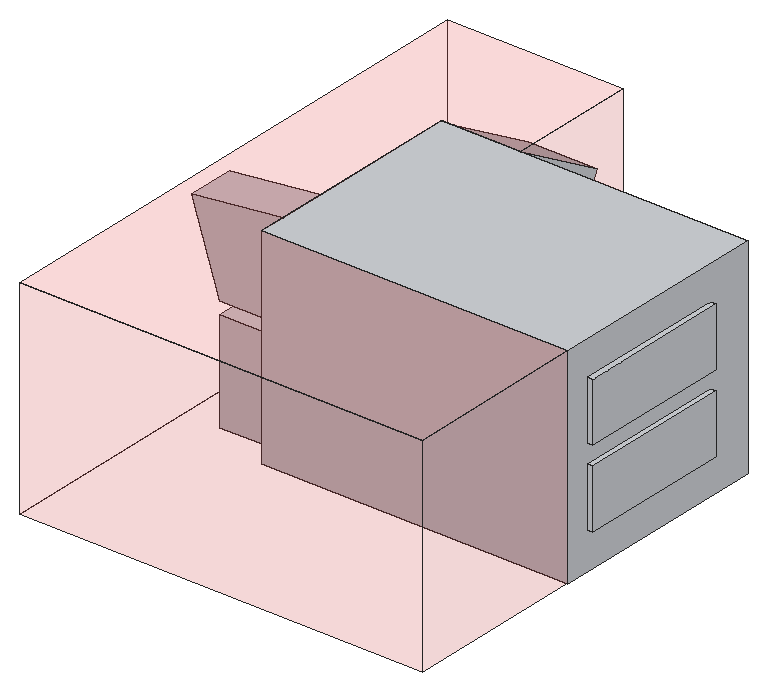
Revit family
Parameters (values of type "115 V Single Phase")
  Weight Scheduled [instance] = 538  # constant formula
  Voltage Workaround = Voltage / 1 V  # 115
  Voltage Scheduled = Voltage  # 115 V
  Voltage = 115 V
  VoltAmps Workaround [instance] = Voltage Workaround * Total FLA * sqrt(Phase)  # 0
  VoltAmps [instance] = VoltAmps Workaround * 1 VA  # 0 VA
  VFD [instance] = no
  URL = "http://www.renewaire.com/_assets/files/SubmittalForms/HE2XRTCSubmittal.pdf"
  Total FLA [instance] = if(or(Supply Motor FLA = 0, Exhaust Motor FLA = 0), 0, (Supply Motor FLA * Supply Motor Count) + (Exhaust Motor FLA * Exhaust Motor Count))  # 0
  Supply Motor RPM Scheduled [instance] = Supply Motor RPM  # 1090
  Supply Motor RPM [instance] = if(and(or(Supply ESP = -0.75, Supply ESP > -0.75), Supply ESP < -0.5), if(Supply CFM > 1742 CFM, 0, if(Supply CFM > 1620 CFM, 1515, if(Supply CFM > 1465 CFM, 1420, if(Supply CFM > 1325 CFM, 1325, if(Supply CFM > 1170 CFM, 1230, 1090))))), if(and(or(Supply ESP = -0.5, Supply ESP > -0.5), Supply ESP < -0.25), if(Supply CFM > 1631 CFM, 0, if(Supply CFM > 1515 CFM, 1515, if(Supply CFM > 1370 CFM, 1420, if(Supply CFM > 1245 CFM, 1325, if(Supply CFM > 1085 CFM, 1230, 1090))))), if(and(or(Supply ESP = -0.25, Supply ESP > -0.25), Supply ESP < 0), if(Supply CFM > 1635 CFM, 0, if(Supply CFM > 1520 CFM, 1610, if(Supply CFM > 1410 CFM, 1515, if(Supply CFM > 1275 CFM, 1420, if(Supply CFM > 1165 CFM, 1325, if(Supply CFM > 1000 CFM, 1230, 1090)))))), if(and(or(Supply ESP = 0, Supply ESP > 0), Supply ESP < 0.25), if(Supply CFM > 1555 CFM, 0, if(Supply CFM > 1430 CFM, 1610, if(Supply CFM > 1300 CFM, 1515, if(Supply CFM > 1190 CFM, 1420, if(Supply CFM > 1080 CFM, 1325, if(Supply CFM > 905 CFM, 1230, 1090)))))), if(and(or(Supply ESP = 0.25, Supply ESP > 0.25), Supply ESP < 0.5), if(Supply CFM > 1600 CFM, 0, if(Supply CFM > 1490 CFM, 1705, if(Supply CFM > 1355 CFM, 1610, if(Supply CFM > 1230 CFM, 1515, if(Supply CFM > 1120 CFM, 1420, if(Supply CFM > 985 CFM, 1325, if(Supply CFM > 824 CFM, 1230, 1090))))))), if(and(or(Supply ESP = 0.5, Supply ESP > 0.5), Supply ESP < 0.75), if(Supply CFM > 1480 CFM, 0, if(Supply CFM > 1375 CFM, 1705, if(Supply CFM > 1230 CFM, 1610, if(Supply CFM > 1115 CFM, 1515, if(Supply CFM > 995 CFM, 1420, if(Supply CFM > 850 CFM, 1325, if(Supply CFM > 743 CFM, 1230, 1090))))))), if(Supply ESP = 0.75, if(Supply CFM > 1360 CFM, 0, if(Supply CFM > 1260 CFM, 1705, if(Supply CFM > 1105 CFM, 1610, if(Supply CFM > 1000 CFM, 1515, if(Supply CFM > 870 CFM, 1420, if(Supply CFM > 715 CFM, 1325, if(Supply CFM > 662 CFM, 1230, 1090))))))), 0)))))))  # 1090
  Supply Motor HP Scheduled [instance] = Supply Motor HP  # 2
  Supply Motor HP [instance] = 2  # constant formula
  Supply Motor FLA [instance] = if(VFD, if(Supply Motor BHP = 0, 0, if(Supply Motor HP = 2, if(and(or(Voltage = 208 V, Voltage = 230 V), Phase = 1), 6.1, if(and(or(Voltage = 208 V, Voltage = 230 V), Phase = 3), 6.1, if(and(Voltage = 460 V, Phase = 3), 2.9, if(and(Voltage = 575 V, Phase = 3), 2.4, 0)))), 0)), if(Supply Motor BHP = 0, 0, if(Supply Motor HP = 2, if(and(or(Voltage = 208 V, Voltage = 230 V), Phase = 1), 10.8, if(and(or(Voltage = 208 V, Voltage = 230 V), Phase = 3), 6.1, if(and(Voltage = 460 V, Phase = 3), 2.9, if(and(Voltage = 575 V, Phase = 3), 2.4, 0)))), 0)))  # 0
  Supply Motor Count Scheduled [instance] = Supply Motor Count  # 1
  Supply Motor Count [instance] = 1  # constant formula
  Supply Motor BHP [instance] = if(and(or(Supply ESP = -0.75, Supply ESP > -0.75), Supply ESP < -0.5), if(Supply CFM > 1742 CFM, 0, if(Supply CFM > 1620 CFM, 2, if(Supply CFM > 1465 CFM, 1.7, if(Supply CFM > 1325 CFM, 1.5, if(Supply CFM > 1170 CFM, 1.3, 1))))), if(and(or(Supply ESP = -0.5, Supply ESP > -0.5), Supply ESP < -0.25), if(Supply CFM > 1631 CFM, 0, if(Supply CFM > 1515 CFM, 1.9, if(Supply CFM > 1370 CFM, 1.6, if(Supply CFM > 1245 CFM, 1.4, if(Supply CFM > 1085 CFM, 1.2, 0.7))))), if(and(or(Supply ESP = -0.25, Supply ESP > -0.25), Supply ESP < 0), if(Supply CFM > 1635 CFM, 0, if(Supply CFM > 1520 CFM, 2, if(Supply CFM > 1410 CFM, 1.7, if(Supply CFM > 1275 CFM, 1.5, if(Supply CFM > 1165 CFM, 1.3, if(Supply CFM > 1000 CFM, 1.1, 0.8)))))), if(and(or(Supply ESP = 0, Supply ESP > 0), Supply ESP < 0.25), if(Supply CFM > 1555 CFM, 0, if(Supply CFM > 1430 CFM, 1.9, if(Supply CFM > 1300 CFM, 1.6, if(Supply CFM > 1190 CFM, 1.4, if(Supply CFM > 1080 CFM, 1, if(Supply CFM > 905 CFM, 1, 0.8)))))), if(and(or(Supply ESP = 0.25, Supply ESP > 0.25), Supply ESP < 0.5), if(Supply CFM > 1600 CFM, 0, if(Supply CFM > 1490 CFM, 2, if(Supply CFM > 1355 CFM, 1.8, if(Supply CFM > 1230 CFM, 1.6, if(Supply CFM > 1120 CFM, 1.4, if(Supply CFM > 985 CFM, 0.9, if(Supply CFM > 824 CFM, 0.9, 0.7))))))), if(and(or(Supply ESP = 0.5, Supply ESP > 0.5), Supply ESP < 0.75), if(Supply CFM > 1480 CFM, 0, if(Supply CFM > 1375 CFM, 1.9, if(Supply CFM > 1230 CFM, 1.7, if(Supply CFM > 1115 CFM, 1.4, if(Supply CFM > 995 CFM, 1.2, if(Supply CFM > 850 CFM, 1.1, if(Supply CFM > 743 CFM, 0.8, 0.6))))))), if(Supply ESP = 0.75, if(Supply CFM > 1360 CFM, 0, if(Supply CFM > 1260 CFM, 1.7, if(Supply CFM > 1105 CFM, 1.5, if(Supply CFM > 1000 CFM, 1.3, if(Supply CFM > 870 CFM, 1.1, if(Supply CFM > 715 CFM, 0.6, if(Supply CFM > 662 CFM, 0.6, 0.6))))))), 0)))))))  # 0.8
  Supply ESP Scheduled [instance] = Supply ESP  # 0
  Supply ESP [instance] = 0
  Supply CFM Scheduled [instance] = Supply CFM  # 0 CFM
  Supply CFM [instance] = 0 CFM
  Supply Air Winter RH Scheduled [instance] = 0
  Supply Air Winter DB Scheduled [instance] = 0
  Supply Air Summer RH Scheduled [instance] = 0
  Supply Air Summer DB Scheduled [instance] = 0
  Phase Scheduled = Phase  # 1
  Phase = 1
  Outside Air Winter RH Scheduled [instance] = 0
  Outside Air Winter DB Scheduled [instance] = 0
  Outside Air Summer RH Scheduled [instance] = 0
  Outside Air Summer DB Scheduled [instance] = 0
  Number of Poles = 1
  Model = "HE2XRTC"
  Manufacturer = "RenewAire"
  MOCP Scheduled [instance] = MOCP  # 0
  MOCP [instance] = if(VFD, if(Total FLA = 0, 0, if(and(or(Voltage = 208 V, Voltage = 230 V), Phase = 1), 30, if(and(or(Voltage = 208 V, Voltage = 230 V), Phase = 3), 15, if(and(Voltage = 460 V, Phase = 3), 15, if(and(Voltage = 575 V, Phase = 3), 15, 0))))), if(Total FLA = 0, 0, if(and(or(Voltage = 208 V, Voltage = 230 V), Phase = 1), 35, if(and(or(Voltage = 208 V, Voltage = 230 V), Phase = 3), 15, if(and(Voltage = 460 V, Phase = 3), 15, if(and(Voltage = 575 V, Phase = 3), 15, 0))))))  # 0
  MCA Scheduled [instance] = MCA  # 0
  MCA [instance] = if(VFD, if(Total FLA = 0, 0, if(and(or(Voltage = 208 V, Voltage = 230 V), Phase = 1), 26, if(and(or(Voltage = 208 V, Voltage = 230 V), Phase = 3), 15, if(and(Voltage = 460 V, Phase = 3), 7.2, if(and(Voltage = 575 V, Phase = 3), 5.9, 0))))), if(Total FLA = 0, 0, if(and(or(Voltage = 208 V, Voltage = 230 V), Phase = 1), 24.3, if(and(or(Voltage = 208 V, Voltage = 230 V), Phase = 3), 13.6, if(and(Voltage = 460 V, Phase = 3), 6.5, if(and(Voltage = 575 V, Phase = 3), 5.4, 0))))))  # 0
  FLA Scheduled [instance] = Total FLA  # 0
  Exhaust RH Scheduled [instance] = 0
  Exhaust Motor RPM Scheduled [instance] = Exhaust Motor RPM  # 945
  Exhaust Motor RPM [instance] = if(and(or(Exhaust ESP = -0.75, Exhaust ESP > -0.75), Exhaust ESP < -0.5), if(Exhaust CFM > 1664 CFM, 0, if(Exhaust CFM > 1400 CFM, 1450, if(Exhaust CFM > 1125 CFM, 1370, if(Exhaust CFM > 945 CFM, 1290, if(Exhaust CFM > 721 CFM, 1210, if(Exhaust CFM > 560 CFM, 1130, if(Exhaust CFM > 635 CFM, 1050, 945))))))), if(and(or(Exhaust ESP = -0.5, Exhaust ESP > -0.5), Exhaust ESP < -0.25), if(Exhaust CFM > 1785 CFM, 0, if(Exhaust CFM > 1570 CFM, 1450, if(Exhaust CFM > 1350 CFM, 1370, if(Exhaust CFM > 1165 CFM, 1290, if(Exhaust CFM > 978 CFM, 1210, if(Exhaust CFM > 810 CFM, 1130, if(Exhaust CFM > 765 CFM, 1050, 945))))))), if(and(or(Exhaust ESP = -0.25, Exhaust ESP > -0.25), Exhaust ESP < 0), if(Exhaust CFM > 1740 CFM, 0, if(Exhaust CFM > 1575 CFM, 1370, if(Exhaust CFM > 1385 CFM, 1290, if(Exhaust CFM > 1235 CFM, 1210, if(Exhaust CFM > 1060 CFM, 1130, if(Exhaust CFM > 895 CFM, 1050, 945)))))), if(and(or(Exhaust ESP = 0, Exhaust ESP > 0), Exhaust ESP < 0.25), if(Exhaust CFM > 1900 CFM, 0, if(Exhaust CFM > 1727 CFM, 1370, if(Exhaust CFM > 1560 CFM, 1290, if(Exhaust CFM > 1365 CFM, 1210, if(Exhaust CFM > 1200 CFM, 1130, if(Exhaust CFM > 1025 CFM, 1050, 945)))))), if(and(or(Exhaust ESP = 0.25, Exhaust ESP > 0.25), Exhaust ESP < 0.5), if(Exhaust CFM > 1740 CFM, 0, if(Exhaust CFM > 1575 CFM, 1370, if(Exhaust CFM > 1385 CFM, 1290, if(Exhaust CFM > 1235 CFM, 1210, if(Exhaust CFM > 1060 CFM, 1130, if(Exhaust CFM > 895 CFM, 1050, 945)))))), if(and(or(Exhaust ESP = 0.5, Exhaust ESP > 0.5), Exhaust ESP < 0.75), if(Exhaust CFM > 1785 CFM, 0, if(Exhaust CFM > 1570 CFM, 1450, if(Exhaust CFM > 1350 CFM, 1370, if(Exhaust CFM > 1165 CFM, 1290, if(Exhaust CFM > 978 CFM, 1210, if(Exhaust CFM > 810 CFM, 1130, if(Exhaust CFM > 765 CFM, 1050, 945))))))), if(Exhaust ESP = 0.75, if(Exhaust CFM > 1664 CFM, 0, if(Exhaust CFM > 1400 CFM, 1450, if(Exhaust CFM > 1125 CFM, 1370, if(Exhaust CFM > 945 CFM, 1290, if(Exhaust CFM > 721 CFM, 1210, if(Exhaust CFM > 560 CFM, 1130, if(Exhaust CFM > 635 CFM, 1050, 945))))))), 0)))))))  # 945
  Exhaust Motor HP Scheduled [instance] = Exhaust Motor HP  # 2
  Exhaust Motor HP [instance] = 2  # constant formula
  Exhaust Motor FLA [instance] = if(VFD, if(Exhaust Motor BHP = 0, 0, if(Exhaust Motor HP = 2, if(and(or(Voltage = 208 V, Voltage = 230 V), Phase = 1), 6.1, if(and(or(Voltage = 208 V, Voltage = 230 V), Phase = 3), 6.1, if(and(Voltage = 460 V, Phase = 3), 2.9, if(and(Voltage = 575 V, Phase = 3), 2.4, 0)))), 0)), if(Exhaust Motor BHP = 0, 0, if(Exhaust Motor HP = 2, if(and(or(Voltage = 208 V, Voltage = 230 V), Phase = 1), 10.8, if(and(or(Voltage = 208 V, Voltage = 230 V), Phase = 3), 6.1, if(and(Voltage = 460 V, Phase = 3), 2.9, if(and(Voltage = 575 V, Phase = 3), 2.4, 0)))), 0)))  # 0
  Exhaust Motor Count Scheduled [instance] = Exhaust Motor Count  # 1
  Exhaust Motor Count [instance] = 1  # constant formula
  Exhaust Motor BHP [instance] = if(and(or(Exhaust ESP = -0.75, Exhaust ESP > -0.75), Exhaust ESP < -0.5), if(Exhaust CFM > 1664 CFM, 0, if(Exhaust CFM > 1400 CFM, 1.6, if(Exhaust CFM > 1125 CFM, 1.4, if(Exhaust CFM > 945 CFM, 1.3, if(Exhaust CFM > 721 CFM, 1, if(Exhaust CFM > 560 CFM, 0.7, if(Exhaust CFM > 635 CFM, 0.7, 0.6))))))), if(and(or(Exhaust ESP = -0.5, Exhaust ESP > -0.5), Exhaust ESP < -0.25), if(Exhaust CFM > 1785 CFM, 0, if(Exhaust CFM > 1570 CFM, 1.9, if(Exhaust CFM > 1350 CFM, 1.6, if(Exhaust CFM > 1165 CFM, 1.4, if(Exhaust CFM > 978 CFM, 1.1, if(Exhaust CFM > 810 CFM, 0.9, if(Exhaust CFM > 765 CFM, 0.8, 0.6))))))), if(and(or(Exhaust ESP = -0.25, Exhaust ESP > -0.25), Exhaust ESP < 0), if(Exhaust CFM > 1740 CFM, 0, if(Exhaust CFM > 1575 CFM, 1.8, if(Exhaust CFM > 1385 CFM, 1.5, if(Exhaust CFM > 1235 CFM, 1.3, if(Exhaust CFM > 1060 CFM, 1.1, if(Exhaust CFM > 895 CFM, 0.9, 0.6)))))), if(and(or(Exhaust ESP = 0, Exhaust ESP > 0), Exhaust ESP < 0.25), if(Exhaust CFM > 1900 CFM, 0, if(Exhaust CFM > 1727 CFM, 1.9, if(Exhaust CFM > 1560 CFM, 1.6, if(Exhaust CFM > 1365 CFM, 1.4, if(Exhaust CFM > 1200 CFM, 1.1, if(Exhaust CFM > 1025 CFM, 1, 0.7)))))), if(and(or(Exhaust ESP = 0.25, Exhaust ESP > 0.25), Exhaust ESP < 0.5), if(Exhaust CFM > 1740 CFM, 0, if(Exhaust CFM > 1575 CFM, 1.8, if(Exhaust CFM > 1385 CFM, 1.5, if(Exhaust CFM > 1235 CFM, 1.3, if(Exhaust CFM > 1060 CFM, 1.1, if(Exhaust CFM > 895 CFM, 0.9, 0.6)))))), if(and(or(Exhaust ESP = 0.5, Exhaust ESP > 0.5), Exhaust ESP < 0.75), if(Exhaust CFM > 1785 CFM, 0, if(Exhaust CFM > 1570 CFM, 1.9, if(Exhaust CFM > 1350 CFM, 1.6, if(Exhaust CFM > 1165 CFM, 1.4, if(Exhaust CFM > 978 CFM, 1.1, if(Exhaust CFM > 810 CFM, 0.9, if(Exhaust CFM > 765 CFM, 0.8, 0.6))))))), if(Exhaust ESP = 0.75, if(Exhaust CFM > 1664 CFM, 0, if(Exhaust CFM > 1400 CFM, 1.6, if(Exhaust CFM > 1125 CFM, 1.4, if(Exhaust CFM > 945 CFM, 1.3, if(Exhaust CFM > 721 CFM, 1, if(Exhaust CFM > 560 CFM, 0.7, if(Exhaust CFM > 635 CFM, 0.7, 0.6))))))), 0)))))))  # 0.7
  Exhaust ESP Scheduled [instance] = Exhaust ESP  # 0
  Exhaust ESP [instance] = 0
  Exhaust DB Scheduled [instance] = 0
  Exhaust CFM Scheduled [instance] = Exhaust CFM  # 0 CFM
  Exhaust CFM [instance] = 0 CFM
  Enthalpy Effect Winter Scheduled [instance] = 0
  Enthalpy Effect Summer Scheduled [instance] = 0
Types (8): name | Voltage Workaround | Voltage Scheduled | Voltage | VoltAmps Workaround | VoltAmps | VFD | Total FLA | Supply Motor FLA | Phase Scheduled | Phase | Number of Poles | MOCP Scheduled | MOCP | MCA Scheduled | MCA | FLA Scheduled | Exhaust Motor FLA
  (no name) | 115 | 115 V | 115 V | 0 | 0 VA | no | 0 | 0 | 1 | 1 | 1 | 0 | 0 | 0 | 0 | 0 | 0
  208 V Single Phase | 208 | 208 V | 208 V | 2537.6 | 2537.6 VA | yes | 12.2 | 6.1 | 1 | 1 | 2 | 30 | 30 | 26 | 26 | 12.2 | 6.1
  230 V Single Phase | 230 | 230 V | 230 V | 2806 | 2806 VA | yes | 12.2 | 6.1 | 1 | 1 | 2 | 30 | 30 | 26 | 26 | 12.2 | 6.1
  208 V Three Phase | 208 | 208 V | 208 V | 4395.2521 | 4395.25 VA | yes | 12.2 | 6.1 | 3 | 3 | 3 | 15 | 15 | 15 | 15 | 12.2 | 6.1
  230 V Three Phase | 230 | 230 V | 230 V | 4860.1346 | 4860.13 VA | yes | 12.2 | 6.1 | 3 | 3 | 3 | 15 | 15 | 15 | 15 | 12.2 | 6.1
  460 V Three Phase | 460 | 460 V | 460 V | 4621.1116 | 4621.11 VA | yes | 5.8 | 2.9 | 3 | 3 | 3 | 15 | 15 | 7.2 | 7.2 | 5.8 | 2.9
  575 V Three Phase | 575 | 575 V | 575 V | 4780.4602 | 4780.46 VA | yes | 4.8 | 2.4 | 3 | 3 | 3 | 15 | 15 | 5.9 | 5.9 | 4.8 | 2.4
  115 V Single Phase | 115 | 115 V | 115 V | 0 | 0 VA | no | 0 | 0 | 1 | 1 | 1 | 0 | 0 | 0 | 0 | 0 | 0
Reference planes (in)
  plane 1 "Center (Front/Back)": y = 0
  plane 2: z = 0
  plane 3 "Center (Left/Right)": x = 0
Forms (in)
  Extrusion 1, solid
    sketch origin (0, 0, 0) x (1, 0, 0) y (0, 1, 0)
      loop
        line (-28.875, 21.1875) -> (-28.875, -21.1875) -> (28.875, -21.1875) -> (28.875, 21.1875) -> (-28.875, 21.1875)
    from 0 to 39.25
  Extrusion 2, solid
    sketch origin (28.875, 32.33516, 0) x (0, -1, 0) y (0, 0, -1)
      loop
        line (49.02266, -32.875) -> (49.02266, -21.75) -> (20.02266, -21.75) -> (20.02266, -32.875) -> (49.02266, -32.875)
      loop
        line (49.02266, -18.25) -> (49.02266, -7.125) -> (20.02266, -7.125) -> (20.02266, -18.25) -> (49.02266, -18.25)
    from 0 to 1
  Extrusion 3, solid
    sketch origin (0, 0, 0) x (1, 0, 0) y (0, 0, 1)
      loop
        line (-41.01339, 21) -> (-28.875, 21) -> (-28.875, 39.25) -> (-46.25, 37.11662) -> (-41.01339, 21)
    from 7 to 16
  Extrusion 4, solid
    sketch origin (0, 0, 0) x (0, 1, 0) y (0, 0, 1)
      loop
        line (26.23356, 1.875) -> (39.1875, 28.43451) -> (21.1875, 39.25) -> (21.1875, 1.875) -> (26.23356, 1.875)
    from -27 to -14
  Extrusion 5, solid
    sketch origin (0, 0, 0) x (1, 0, 0) y (0, 1, 0)
      loop
        line (-47.125, 45.5) -> (-47.125, -55.5) -> (28.875, -55.5) -> (28.875, -21.1875) -> (-28.875, -21.1875) -> (-28.875, 21.1875) -> (-14, 21.1875) -> (-14, 45.5) -> (-47.125, 45.5)
    from 0 to 39.25
  Extrusion 6, solid
    sketch origin (0, 0, 0) x (1, 0, 0) y (0, 1, 0)
      loop
        line (-28.875, -17.96875) -> (-28.875, -13.46875) -> (-39.375, -13.46875) -> (-39.375, -17.96875) -> (-28.875, -17.96875)
    from 1 to 20
Cuts and joins
  joined: Extrusion 1, Extrusion 2, Extrusion 3, Extrusion 4
Connectors (in)
  hvac at (29.875, -2.1875, 27.3125), driven by "Supply CFM"
    settings: on Extrusion 2, index 1, duct flow 0 CFM, flow factor 0, pres drop 0.00 in-wg, loss coef 0, conn angle 0.00°, conn width 29", conn height 11 1/8", conn radius 12", duct sys type 1, conn prof type 1, flow config 0, flow direction 2, loss method 0, conn ref index -1, conn util no, is conn primary yes, conn desc ""
  hvac at (29.875, -2.1875, 12.6875), driven by "Exhaust CFM"
    settings: on Extrusion 2, index 2, duct flow 0 CFM, flow factor 0, pres drop 0.00 in-wg, loss coef 0, conn angle 0.00°, conn width 29", conn height 11 1/8", conn radius 12", duct sys type 3, conn prof type 1, flow config 0, flow direction 1, loss method 0, conn ref index -1, conn util no, is conn primary no, conn desc ""
  electrical at (-28.875, 0, 19.625), driven by "VoltAmps", driven by "Voltage", driven by "Number of Poles"
    settings: on Extrusion 1, index 3, voltage 115 V, apparent load 0 VA, apparent load phase1 0 VA, apparent load phase2 0 VA, apparent load phase3 0 VA, power factor 1, load classification "HVAC", number of poles 1, system type 30, power factor state 1, is connector primary yes, connector utility no, sub classification motor no, connector description ""
